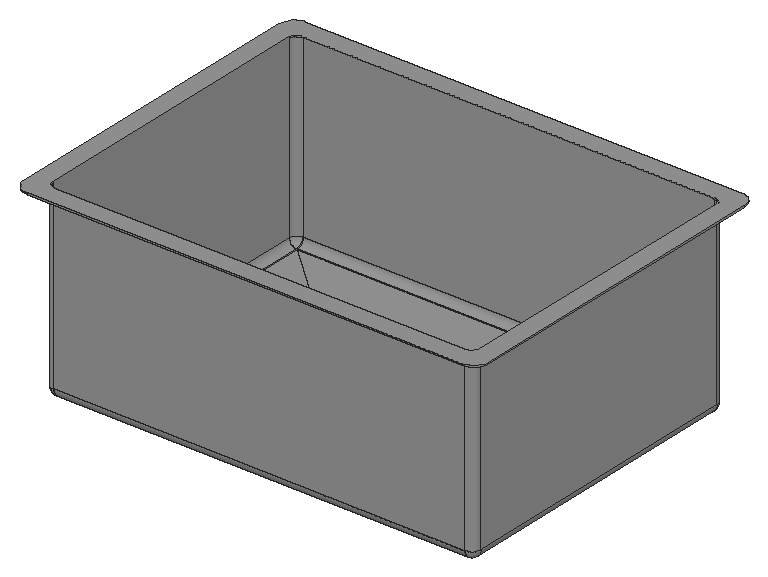
Revit family "BUILDMAT-SNA01004-Willow-600-Stainless Steel", category Plumbing Fixtures, host Face, Revit 2020
Family settings
  Host = Face
  Round Connector Dimension = Use Diameter
  Part Type = Normal
  Cut with Voids When Loaded = No
  Shared = No
  Room Calculation Point = No
Parameters (values of type "Willow 600x450x250mm")
  Width = 550.0 mm
  Undermount [instance] = 0.0 mm
  URL = "https://www.buildmat.com.au/products/willow-600x450-medium-single-bowl-sink"
  Side Sound Pad = no
  Side Brackets = yes
  Model = "SNA01004"  # constant formula
  Middle Sound Pad = yes
  Middle Bracket = no
  Manufacturer URL = "https://www.buildmat.com.au/"
  Manufacturer = "BUILDMAT"  # constant formula
  Length = 400.0 mm
  Description = "BUILDMAT - Willow 600x450 Medium Single Bowl Sink"  # constant formula
  Depth = 250.0 mm
  Default Elevation = 1219.2 mm
  Created By URL = "https://www.buildmat.com.au/"
  Created By = "BUILDMAT"  # constant formula
  Created = "22.06.2022"  # constant formula
  Material = BUILDMAT Stainless Steel
Reference planes
  plane 1 "Center (Front/Back)": y = 0
  plane 2: z = 0
  plane 3 "Center (Left/Right)": x = 0
  plane 4 "Top Substrate": z = 0
  plane 5 "Left": x = -275
  plane 6 "Right": x = 275
  plane 7 "Back": y = 200
  plane 8 "Front": y = -200
  plane 9: x = -300
  plane 10: x = 300
  plane 11: y = -225
  plane 12: y = 225
  plane 13 "Bottom Void": z = -250
  plane 14: z = 1.5
  plane 15: x = -276.5
  plane 16: y = -201.5
  plane 17: x = 276.5
  plane 18: y = 201.5
  plane 19: z = -240
  plane 20: z = -230
  plane 21: x = -265
  plane 22: x = 265
  plane 23: y = -190
  plane 24: y = 190
  plane 25: z = -245
  plane 26: z = -241.5
  plane 27: z = -246.5
  plane 28: x = -100
  plane 29: x = 100
  plane 30 "Sound Pad": z = -130
  plane 31 "Front Bracket": y = -100
  plane 32 "Back Bracket": y = 100
  plane 33: x = -175
  plane 34: x = 175
  plane 35: x = -57
  plane 36: x = 57
  plane 37: x = -45
  plane 38: x = 45
Forms (mm)
  Extrusion 1, void
    sketch origin (0, 0, 0) x (1, 0, 0) y (0, 1, 0)
      loop
        arc (-265, 200) -> (-272.071, 197.071) -> (-275, 190) r 10
        line (-275, 190) -> (-275, -190)
        arc (-275, -190) -> (-272.071, -197.071) -> (-265, -200) r 10
        line (-265, -200) -> (265, -200)
        arc (265, -200) -> (272.071, -197.071) -> (275, -190) r 10
        line (275, -190) -> (275, 190)
        arc (275, 190) -> (272.071, 197.071) -> (265, 200) r 10
        line (265, 200) -> (-265, 200)
    from 0 to 1.5
  Extrusion 2, void
    sketch origin (0, 0, 0) x (1, 0, 0) y (0, 1, 0)
      loop
        line (-276.5, 201.5) -> (-276.5, -201.5) -> (276.5, -201.5) -> (276.5, 201.5) -> (-276.5, 201.5)
    from 0 to -250
  Extrusion 3, void
    sketch origin (0, 0, 0) x (1, 0, 0) y (0, 1, 0)
      loop
        arc (-280, 225) -> (-294.142, 219.142) -> (-300, 205) r 20
        line (-300, 205) -> (-300, -205)
        arc (-300, -205) -> (-294.142, -219.142) -> (-280, -225) r 20
        line (-280, -225) -> (280, -225)
        arc (280, -225) -> (294.142, -219.142) -> (300, -205) r 20
        line (300, -205) -> (300, 205)
        arc (300, 205) -> (294.142, 219.142) -> (280, 225) r 20
        line (280, 225) -> (-280, 225)
    from 1.5 to 0
  Extrusion 4, solid, material "BUILDMAT Stainless Steel" <- "Material"
    sketch origin (0, 0, 0) x (-1, 0, 0) y (0, -1, 0)
      loop
        arc (280, -225) -> (294.142, -219.142) -> (300, -205) r 20
        line (300, -205) -> (300, 205)
        arc (300, 205) -> (294.142, 219.142) -> (280, 225) r 20
        line (280, 225) -> (-280, 225)
        arc (-280, 225) -> (-294.142, 219.142) -> (-300, 205) r 20
        line (-300, 205) -> (-300, -205)
        arc (-300, -205) -> (-294.142, -219.142) -> (-280, -225) r 20
        line (-280, -225) -> (280, -225)
      loop
        arc (265, -200) -> (272.071, -197.071) -> (275, -190) r 10
        line (275, -190) -> (275, 190)
        arc (275, 190) -> (272.071, 197.071) -> (265, 200) r 10
        line (265, 200) -> (-265, 200)
        arc (-265, 200) -> (-272.071, 197.071) -> (-275, 190) r 10
        line (-275, 190) -> (-275, -190)
        arc (-275, -190) -> (-272.071, -197.071) -> (-265, -200) r 10
        line (-265, -200) -> (265, -200)
    from 0 to 1.5
  Extrusion 5, solid, material "BUILDMAT Stainless Steel" <- "Material"
    sketch origin (0, 0, 0) x (-1, 0, 0) y (0, -1, 0)
      loop
        arc (265, -201.5) -> (273.132, -198.132) -> (276.5, -190) r 11.5
        line (276.5, -190) -> (276.5, 190)
        arc (276.5, 190) -> (273.132, 198.132) -> (265, 201.5) r 11.5
        line (265, 201.5) -> (-265, 201.5)
        arc (-265, 201.5) -> (-273.132, 198.132) -> (-276.5, 190) r 11.5
        line (-276.5, 190) -> (-276.5, -190)
        arc (-276.5, -190) -> (-273.132, -198.132) -> (-265, -201.5) r 11.5
        line (-265, -201.5) -> (265, -201.5)
      loop
        arc (-265, 200) -> (-272.071, 197.071) -> (-275, 190) r 10
        line (-275, 190) -> (-275, -190)
        arc (-275, -190) -> (-272.071, -197.071) -> (-265, -200) r 10
        line (-265, -200) -> (265, -200)
        arc (265, -200) -> (272.071, -197.071) -> (275, -190) r 10
        line (275, -190) -> (275, 190)
        arc (275, 190) -> (272.071, 197.071) -> (265, 200) r 10
        line (265, 200) -> (-265, 200)
    from 0 to -230
  Revolve 6, solid, material "BUILDMAT Stainless Steel" <- "Material"
    sketch origin (-175.162, 190, 1219.2) x (-1, 0, 0) y (0, 0, 1)
      loop
        line (-450.162, -1449.2) -> (-451.662, -1449.2)
        arc (-451.662, -1449.2) -> (-448.293, -1457.332) -> (-440.162, -1460.7) r 11.5
        line (-440.162, -1460.7) -> (-440.162, -1459.2)
        arc (-440.162, -1459.2) -> (-447.233, -1456.271) -> (-450.162, -1449.2) r 10
      axis (-440.162, -1460.7) -> (-440.162, -1449.2)
    angle from 0 to -90
  Revolve 7, solid, material "BUILDMAT Stainless Steel" <- "Material"
    sketch origin (-175.162, 190, 1219.2) x (-1, 0, 0) y (0, 0, 1)
      loop
        arc (99.838, -1449.2) -> (96.909, -1456.271) -> (89.838, -1459.2) r 10
        line (89.838, -1459.2) -> (89.838, -1460.7)
        arc (89.838, -1460.7) -> (97.97, -1457.332) -> (101.338, -1449.2) r 11.5
        line (101.338, -1449.2) -> (99.838, -1449.2)
      axis (89.838, -1449.2) -> (89.838, -1460.7)
    angle from 0 to -90
  Revolve 8, solid, material "BUILDMAT Stainless Steel" <- "Material"
    sketch origin (-175.162, -190, 1219.2) x (-1, 0, 0) y (0, 0, 1)
      loop
        arc (99.838, -1449.2) -> (96.909, -1456.271) -> (89.838, -1459.2) r 10
        line (89.838, -1459.2) -> (89.838, -1460.7)
        arc (89.838, -1460.7) -> (97.97, -1457.332) -> (101.338, -1449.2) r 11.5
        line (101.338, -1449.2) -> (99.838, -1449.2)
      axis (89.838, -1449.2) -> (89.838, -1460.7)
    angle from 0 to 90
  Revolve 9, solid, material "BUILDMAT Stainless Steel" <- "Material"
    sketch origin (-175.162, -190, 1219.2) x (-1, 0, 0) y (0, 0, 1)
      loop
        line (-450.162, -1449.2) -> (-451.662, -1449.2)
        arc (-451.662, -1449.2) -> (-448.293, -1457.332) -> (-440.162, -1460.7) r 11.5
        line (-440.162, -1460.7) -> (-440.162, -1459.2)
        arc (-440.162, -1459.2) -> (-447.233, -1456.271) -> (-450.162, -1449.2) r 10
      axis (-440.162, -1449.2) -> (-440.162, -1460.7)
    angle from 0 to 90
  Extrusion 10, solid, material "BUILDMAT Stainless Steel" <- "Material"
    sketch origin (0, 0, 0) x (1, 0, 0) y (0, 0, 1)
      loop
        line (-275, -230) -> (-276.5, -230)
        arc (-276.5, -230) -> (-273.132, -238.132) -> (-265, -241.5) r 11.5
        line (-265, -241.5) -> (-265, -240)
        arc (-265, -240) -> (-272.071, -237.071) -> (-275, -230) r 10
    from -190 to 190
  Extrusion 11, solid, material "BUILDMAT Stainless Steel" <- "Material"
    sketch origin (0, 0, 0) x (1, 0, 0) y (0, 0, 1)
      loop
        arc (275, -230) -> (272.071, -237.071) -> (265, -240) r 10
        line (265, -240) -> (265, -241.5)
        arc (265, -241.5) -> (273.132, -238.132) -> (276.5, -230) r 11.5
        line (276.5, -230) -> (275, -230)
    from -190 to 190
  Extrusion 12, solid, material "BUILDMAT Stainless Steel" <- "Material"
    sketch origin (0, 0, 0) x (0, 1, 0) y (0, 0, 1)
      loop
        arc (200, -230) -> (197.071, -237.071) -> (190, -240) r 10
        line (190, -240) -> (190, -241.5)
        arc (190, -241.5) -> (198.132, -238.132) -> (201.5, -230) r 11.5
        line (201.5, -230) -> (200, -230)
    from -265 to 265
  Extrusion 13, solid, material "BUILDMAT Stainless Steel" <- "Material"
    sketch origin (0, 0, 0) x (0, 1, 0) y (0, 0, 1)
      loop
        line (-200, -230) -> (-201.5, -230)
        arc (-201.5, -230) -> (-198.132, -238.132) -> (-190, -241.5) r 11.5
        line (-190, -241.5) -> (-190, -240)
        arc (-190, -240) -> (-197.071, -237.071) -> (-200, -230) r 10
    from -265 to 265
  Revolve 14, solid, material "BUILDMAT Stainless Steel" <- "Material"
    sketch origin (0, 0, 0) x (1, 0, 0) y (0, 0, 1)
      loop
        line (-45, -250) -> (-45, -248.5)
        spline (-45, -248.5) -> (-46.484, -248.459) -> (-47.939, -248.339) -> (-49.337, -248.141) -> (-50.649, -247.871) -> (-51.848, -247.537) -> (-52.908, -247.151) -> (-53.805, -246.726) -> (-54.514, -246.283) -> (-55.023, -245.856) -> (-55.329, -245.483) -> (-55.468, -245.202) -> (-55.5, -245)
        line (-55.5, -245) -> (-57, -245)
        spline (-57, -245) -> (-56.897, -245.653) -> (-56.591, -246.294) -> (-56.087, -246.913) -> (-55.392, -247.5) -> (-54.52, -248.044) -> (-53.485, -248.536) -> (-52.305, -248.967) -> (-51, -249.33) -> (-49.592, -249.619) -> (-48.106, -249.83) -> (-46.566, -249.957) -> (-45, -250)
      axis (0, -245) -> (0, -250)
    angle from 0 to 360
  Blend 15, solid, material "BUILDMAT Stainless Steel" <- "Material"
    base sketch origin (0, 0, 0) x (-1, 0, 0) y (0, -1, 0)
      loop
        circle (0, 0) r 57
    top sketch origin (0, 0, 0) x (-1, 0, 0) y (0, -1, 0)
      loop
        line (265, -190) -> (265, 190) -> (-265, 190) -> (-265, -190) -> (265, -190)
    from -246.5 to -241.5
  Blend 16, void
    base sketch origin (0, 0, 0) x (-1, 0, 0) y (0, -1, 0)
      loop
        circle (0, 0) r 57
    top sketch origin (0, 0, 0) x (-1, 0, 0) y (0, -1, 0)
      loop
        line (265, -190) -> (265, 190) -> (-265, 190) -> (-265, -190) -> (265, -190)
    from -245 to -240
  Extrusion 17, solid, material "BUILDMAT Stainless Steel" <- "Material"
    sketch origin (0, 0, 0) x (-1, 0, 0) y (0, -1, 0)
      loop
        line (265, -190) -> (265, 190) -> (-265, 190) -> (-265, -190) -> (265, -190)
    from -241.5 to -240
  Extrusion 18, void
    sketch origin (0, 0, 0) x (-1, 0, 0) y (0, -1, 0)
      loop
        circle (0, 0) r 57
    from -250 to -230
Cuts and joins
  joined: Extrusion 4, Extrusion 5
  joined: Revolve 6, Revolve 9
  joined: Revolve 7, Revolve 8
  Blend 16, Extrusion 18 cuts Blend 15
  Blend 16, Extrusion 18 cuts Extrusion 17
  joined: Blend 15, Extrusion 17
Lines and regions (mm)
  Masking region 1
    outline origin (0, 0, 0) x (1, 0, 0) y (0, 0, 1)
      loop
        line (275, 0) -> (-275, 0) -> (-275, -230)
        arc (-275, -230) -> (-272.071, -237.071) -> (-265, -240) r 10
        line (-265, -240) -> (-57, -245) -> (57, -245) -> (265, -240)
        arc (265, -240) -> (272.071, -237.071) -> (275, -230) r 10
        line (275, -230) -> (275, 0)
  Masking region 2
    outline origin (0, 0, 0) x (1, 0, 0) y (0, 0, 1)
      loop
        line (-100, -245.466) -> (-100, -250) -> (-57, -250) -> (-57, -246.5) -> (-100, -245.466)
  Masking region 3
    outline origin (0, 0, 0) x (1, 0, 0) y (0, 0, 1)
      loop
        line (57, -246.5) -> (57, -250) -> (100, -250) -> (100, -245.466) -> (57, -246.5)
Text (mm)
  text "Refer to www.buildmat.com.au for the most current product literature. \nAllow a +/- 5mm tolerance for dimensions shown in the product literature. \nPlease note product details are subject to change due to ongoing product development." at (0.056, -1035.857, 0), in view "Ref. Level"
Dimensions and locks
  "Undermount": plane 2 to plane 4 "Top Substrate"
  equal spacing: plane 5 "Left", plane 3 "Center (Left/Right)", plane 6 "Right"
  "Width": plane 5 "Left" to plane 6 "Right"
  "Length": plane 7 "Back" to plane 8 "Front"
  equal spacing: plane 7 "Back", plane 1 "Center (Front/Back)", plane 8 "Front"
  locked: plane 12 to plane 7 "Back" at 25
  locked: plane 8 "Front" to plane 11 at 25
  locked: plane 9 to plane 5 "Left" at 25
  locked: plane 6 "Right" to plane 10 at 25
  "Depth": plane 4 "Top Substrate" to plane 13 "Bottom Void"
  locked: plane 14 to plane 4 "Top Substrate" at 1.5
  locked: plane 18 to plane 7 "Back" at 1.5
  locked: plane 8 "Front" to plane 16 at 1.5
  plane 15 to plane 5 "Left" = 1.5 mm
  plane 6 "Right" to plane 17 = 1.5 mm
  plane 20 to plane 19 to plane 13 "Bottom Void" = 10.0 mm, 10.0 mm
  locked: plane 5 "Left" to plane 21 at 10
  locked: plane 22 to plane 6 "Right" at 10
  locked: plane 7 "Back" to plane 24 at 10
  locked: plane 23 to plane 8 "Front" at 10
  locked: plane 19 to plane 26 at 1.5
  locked: plane 25 to plane 13 "Bottom Void" at 5
  locked: plane 25 to plane 27 at 1.5
  plane 29 to plane 3 "Center (Left/Right)" to plane 28 = 100.0 mm locked, 100.0 mm locked
  locked: plane 30 "Sound Pad" to plane 13 "Bottom Void" at 120
  locked: plane 7 "Back" to plane 32 "Back Bracket" at 100
  locked: plane 31 "Front Bracket" to plane 8 "Front" at 100
  locked: plane 33 to plane 5 "Left" at 100
  locked: plane 6 "Right" to plane 34 at 100
  equal spacing: plane 3 "Center (Left/Right)", nested 15, plane 33
  equal spacing: plane 34, nested 16, plane 3 "Center (Left/Right)"
  plane 37 to plane 3 "Center (Left/Right)" to plane 38 = 45.0 mm locked, 45.0 mm locked
  plane 35 to plane 3 "Center (Left/Right)" to plane 36 = 57.0 mm locked, 57.0 mm locked
  aligned and locked: plane 2 to host face
  aligned and locked: level to host face
  aligned and locked: plane 8 "Front" to Extrusion 1 sketch curve
  aligned and locked: Extrusion 1 sketch curve to plane 7 "Back"
  aligned and locked: plane 5 "Left" to Extrusion 1 sketch curve
  aligned and locked: Extrusion 1 sketch curve to plane 6 "Right"
  aligned and locked: plane 2 to Extrusion 1
  aligned and locked: plane 14 to Extrusion 1
  aligned and locked: Extrusion 2 sketch curve to plane 16
  aligned and locked: Extrusion 2 sketch curve to plane 18
  aligned and locked: plane 15 to Extrusion 2 sketch curve
  aligned and locked: plane 17 to Extrusion 2 sketch curve
  aligned and locked: Extrusion 2 to plane 13 "Bottom Void"
  aligned and locked: plane 4 "Top Substrate" to Extrusion 2
  aligned and locked: Extrusion 3 sketch curve to plane 11
  aligned and locked: plane 9 to Extrusion 3 sketch curve
  aligned and locked: Extrusion 3 sketch curve to plane 10
  aligned and locked: Extrusion 3 sketch curve to plane 12
  aligned and locked: Extrusion 3 to plane 4 "Top Substrate"
  aligned and locked: Extrusion 3 to plane 14
  aligned and locked: Extrusion 4 sketch curve to plane 11
  aligned and locked: Extrusion 4 sketch curve to plane 12
  aligned and locked: plane 9 to Extrusion 4 sketch curve
  aligned and locked: Extrusion 4 sketch curve to plane 10
  aligned and locked: plane 5 "Left" to Extrusion 4 sketch curve
  aligned and locked: Extrusion 4 sketch curve to plane 6 "Right"
  aligned and locked: Extrusion 4 sketch curve to plane 7 "Back"
  aligned and locked: plane 8 "Front" to Extrusion 4 sketch curve
  aligned and locked: Extrusion 5 sketch curve to plane 7 "Back"
  aligned and locked: plane 5 "Left" to Extrusion 5 sketch curve
  aligned and locked: Extrusion 5 sketch curve to plane 6 "Right"
  aligned and locked: plane 8 "Front" to Extrusion 5 sketch curve
  aligned and locked: plane 15 to Extrusion 5 sketch curve
  aligned and locked: Extrusion 5 sketch curve to plane 16
  aligned and locked: plane 17 to Extrusion 5 sketch curve
  aligned and locked: Extrusion 5 sketch curve to plane 18
  aligned and locked: Extrusion 5 to plane 20
  aligned and locked: plane 4 "Top Substrate" to Extrusion 5
  aligned and locked: Extrusion 11 to plane 23
  aligned and locked: plane 24 to Extrusion 11
  aligned and locked: plane 24 to Extrusion 10
  aligned and locked: Extrusion 10 to plane 23
  aligned and locked: Extrusion 13 to plane 21
  aligned and locked: plane 22 to Extrusion 13
  aligned and locked: plane 22 to Extrusion 12
  aligned and locked: Extrusion 12 to plane 21
  aligned and locked: plane 21 to Blend 15 sketch curve
  aligned and locked: Blend 15 sketch curve to plane 22
  aligned and locked: Blend 15 sketch curve to plane 23
  aligned and locked: Blend 15 sketch curve to plane 24
  aligned and locked: plane 27 to Blend 15
  aligned and locked: Blend 15 to plane 26
  aligned and locked: Blend 16 sketch curve to plane 24
  aligned and locked: plane 21 to Blend 16 sketch curve
  aligned and locked: Blend 16 sketch curve to plane 22
  aligned and locked: Blend 16 sketch curve to plane 23
  aligned and locked: Blend 16 to plane 25
  aligned and locked: Blend 16 to plane 19
  aligned and locked: Extrusion 17 sketch curve to plane 24
  aligned and locked: Extrusion 17 sketch curve to plane 23
  aligned and locked: plane 21 to Extrusion 17 sketch curve
  aligned and locked: Extrusion 17 sketch curve to plane 22
  aligned and locked: Extrusion 17 to plane 26
  aligned and locked: Extrusion 17 to plane 19
  aligned and locked: Extrusion 18 to plane 13 "Bottom Void"
  aligned and locked: plane 20 to Extrusion 18
  aligned and locked: cut or joined group of Blend 15, Blend 16, Extrusion 17, Extrusion 18 to Masking region 2 sketch curve
  aligned and locked: Masking region 3 sketch curve to cut or joined group of Blend 15, Blend 16, Extrusion 17, Extrusion 18
  aligned and locked: plane 3 "Center (Left/Right)" to nested 1
  aligned and locked: nested 1 to plane 4 "Top Substrate"
  aligned and locked: plane 3 "Center (Left/Right)" to nested 2
  aligned and locked: nested 2 to plane 30 "Sound Pad"
  aligned and locked: nested 3 to plane 18
  aligned and locked: plane 3 "Center (Left/Right)" to nested 3
  aligned and locked: plane 16 to nested 4
  aligned and locked: nested 4 to plane 3 "Center (Left/Right)"
  aligned and locked: plane 31 "Front Bracket" to nested 6
  aligned and locked: plane 15 to nested 6
  aligned and locked: plane 31 "Front Bracket" to nested 8
  aligned and locked: plane 17 to nested 8
  aligned and locked: plane 32 "Back Bracket" to nested 7
  aligned and locked: plane 17 to nested 7
  aligned and locked: plane 32 "Back Bracket" to nested 5
  aligned and locked: plane 15 to nested 5
  aligned and locked: nested 9 to plane 4 "Top Substrate"
  aligned and locked: nested 9 to plane 33
  aligned and locked: nested 10 to plane 4 "Top Substrate"
  aligned and locked: nested 10 to plane 34
  aligned and locked: nested 13 to plane 33
  aligned and locked: nested 14 to plane 34
  aligned and locked: plane 16 to nested 13
  aligned and locked: nested 14 to plane 16
  aligned and locked: plane 33 to nested 11
  aligned and locked: nested 11 to plane 18
  aligned and locked: plane 34 to nested 12
  aligned and locked: plane 18 to nested 12
  aligned and locked: nested 15 to plane 30 "Sound Pad"
  aligned and locked: nested 16 to plane 30 "Sound Pad"
  aligned and locked: nested 17 to plane 23
  aligned and locked: nested 17 to plane 24
  aligned and locked: plane 22 to nested 17
  aligned and locked: plane 21 to nested 17
  aligned and locked: plane 3 "Center (Left/Right)" to nested 18
  aligned and locked: plane 1 "Center (Front/Back)" to nested 18
  aligned and locked: plane 4 "Top Substrate" to Masking region 1
Automatic sketch dimensions
  host sketch curve to host sketch curve = 2438.4 mm  (x2)
  plane 5 "Left" to Extrusion 1 sketch curve = 10.0 mm  (x2)
  Extrusion 1 sketch curve to plane 6 "Right" = 10.0 mm  (x2)
  Extrusion 4 sketch curve to plane 10 = 20.0 mm  (x2)
  Extrusion 4 sketch curve to Extrusion 4 sketch curve = 10.0 mm  (x2)
  plane 5 "Left" to Extrusion 4 sketch curve = 10.0 mm
  plane 9 to Extrusion 4 sketch curve = 20.0 mm
  plane 8 "Front" to Extrusion 4 sketch curve = 10.0 mm
  plane 11 to Extrusion 4 sketch curve = 20.0 mm
  Extrusion 3 sketch curve to plane 5 "Left" = 5.0 mm
  plane 6 "Right" to Extrusion 3 sketch curve = 5.0 mm  (x2)
  plane 7 "Back" to Extrusion 3 sketch curve = 5.0 mm
  plane 5 "Left" to Extrusion 5 sketch curve = 10.0 mm
  Extrusion 5 sketch curve to plane 6 "Right" = 10.0 mm
  plane 8 "Front" to Extrusion 5 sketch curve = 10.0 mm
  Extrusion 5 sketch curve to plane 7 "Back" = 10.0 mm
  Extrusion 5 sketch curve to Extrusion 5 sketch curve = 0.0 mm  (x4)
  Revolve 6 sketch curve to Revolve 6 sketch curve = 0.0 mm  (x3)
  plane 17 to Revolve 6 sketch curve = 0.0 mm
  Revolve 6 sketch curve to plane 6 "Right" = 0.0 mm
  Revolve 6 sketch curve to plane 22 = 0.0 mm  (x2)
  Revolve 6 sketch curve to plane 19 = 0.0 mm
  Revolve 6 sketch curve to plane 20 = 0.0 mm
  Revolve 7 sketch curve to Revolve 7 sketch curve = 0.0 mm  (x3)
  Revolve 7 sketch curve to plane 20 = 0.0 mm  (x2)
  Revolve 7 sketch curve to plane 21 = 0.0 mm  (x2)
  Revolve 7 sketch curve to plane 5 "Left" = 0.0 mm
  Revolve 7 sketch curve to plane 15 = 0.0 mm
  Revolve 8 sketch curve to Revolve 8 sketch curve = 0.0 mm  (x3)
  Revolve 8 sketch curve to plane 20 = 0.0 mm  (x2)
  Revolve 8 sketch curve to plane 21 = 0.0 mm  (x2)
  Revolve 8 sketch curve to plane 5 "Left" = 0.0 mm
  Revolve 8 sketch curve to plane 15 = 0.0 mm
  Revolve 9 sketch curve to Revolve 9 sketch curve = 0.0 mm  (x3)
  plane 17 to Revolve 9 sketch curve = 0.0 mm
  Revolve 9 sketch curve to plane 6 "Right" = 0.0 mm
  Revolve 9 sketch curve to plane 22 = 0.0 mm  (x2)
  Revolve 9 sketch curve to plane 20 = 0.0 mm
  Revolve 9 sketch curve to plane 19 = 0.0 mm
  Extrusion 10 sketch curve to plane 15 = 0.0 mm
  Extrusion 10 sketch curve to plane 5 "Left" = 0.0 mm
  Extrusion 10 sketch curve to plane 19 = 0.0 mm
  Extrusion 10 sketch curve to plane 21 = 0.0 mm
  Extrusion 11 sketch curve to plane 20 = 0.0 mm
  Extrusion 11 sketch curve to plane 22 = 0.0 mm
  Extrusion 11 sketch curve to plane 6 "Right" = 0.0 mm
  plane 17 to Extrusion 11 sketch curve = 0.0 mm
  Extrusion 12 sketch curve to plane 20 = 0.0 mm
  Extrusion 12 sketch curve to plane 24 = 0.0 mm
  Extrusion 12 sketch curve to plane 7 "Back" = 0.0 mm
  Extrusion 12 sketch curve to plane 18 = 0.0 mm
  Extrusion 13 sketch curve to plane 16 = 0.0 mm
  Extrusion 13 sketch curve to plane 8 "Front" = 0.0 mm
  Extrusion 13 sketch curve to plane 23 = 0.0 mm
  Extrusion 13 sketch curve to plane 19 = 0.0 mm
  Revolve 14 sketch curve to plane 25 = 0.0 mm
  Revolve 14 sketch curve to plane 13 "Bottom Void" = 0.0 mm  (x2)
  Revolve 14 sketch curve to plane 3 "Center (Left/Right)" = 0.0 mm
  Revolve 14 sketch curve to plane 20 = 0.0 mm
  Revolve 14 sketch curve to plane 3 "Center (Left/Right)" = 45.0 mm
  Revolve 14 sketch curve to Revolve 14 sketch curve = 10.5 mm
  Revolve 14 sketch curve to Revolve 14 sketch curve = 1.5 mm  (x2)
  Revolve 14 sketch curve to Revolve 14 sketch curve = 0.0 mm
  plane 1 "Center (Front/Back)" to Blend 15 sketch curve = 0.0 mm
  Blend 15 sketch curve to plane 3 "Center (Left/Right)" = 0.0 mm
  plane 1 "Center (Front/Back)" to Blend 16 sketch curve = 0.0 mm
  Blend 16 sketch curve to plane 3 "Center (Left/Right)" = 0.0 mm
  plane 1 "Center (Front/Back)" to Extrusion 18 sketch curve = 0.0 mm
  Extrusion 18 sketch curve to plane 3 "Center (Left/Right)" = 0.0 mm
  Masking region 1 sketch curve to level = 0.0 mm
  Masking region 1 sketch curve to plane 20 = 0.0 mm
  Masking region 1 sketch curve to plane 21 = 0.0 mm
  Masking region 1 sketch curve to plane 25 = 0.0 mm
  Masking region 1 sketch curve to plane 3 "Center (Left/Right)" = 57.0 mm
  plane 3 "Center (Left/Right)" to Masking region 1 sketch curve = 57.0 mm
  Masking region 1 sketch curve to plane 19 = 0.0 mm
  Masking region 1 sketch curve to plane 22 = 0.0 mm
  Masking region 1 sketch curve to plane 6 "Right" = 0.0 mm
  Masking region 1 sketch curve to plane 5 "Left" = 0.0 mm
  Masking region 2 sketch curve to plane 28 = 0.0 mm
  Masking region 2 sketch curve to plane 13 "Bottom Void" = 0.0 mm
  Masking region 2 sketch curve to plane 27 = 0.0 mm
  Masking region 3 sketch curve to plane 27 = 0.0 mm
  Masking region 3 sketch curve to plane 13 "Bottom Void" = 0.0 mm
  Masking region 3 sketch curve to plane 29 = 0.0 mm
  radius of Blend 15 sketch curve = 57.0 mm
  radius of Blend 16 sketch curve = 57.0 mm
  radius of Extrusion 18 sketch curve = 57.0 mm
Nested families
  nested 1: "TMB_Front" at (0, 0, 0) x (1, 0, 0) z (0, -1, 0), visible <- "Middle Bracket", type "TMB_Front"
  nested 2: "SP_Front" at (0, 0, -130) x (1, 0, 0) z (0, -1, 0), visible <- "Middle Sound Pad", type "SP_Front"
  nested 3: "TMB_Plan" at (0, 201.5, 0), visible <- "Middle Bracket", type "TMB_Plan"
  nested 4: "TMB_Plan" at (0, -201.5, 0) x (-1, 0, 0) z (0, 0, 1), visible <- "Middle Bracket", type "TMB_Plan"
  nested 5: "TMB_Plan" at (-276.5, 100, 0) x (0, 1, 0) z (0, 0, 1), type "TMB_Plan"
  nested 6: "TMB_Plan" at (-276.5, -100, 0) x (0, 1, 0) z (0, 0, 1), type "TMB_Plan"
  nested 7: "TMB_Plan" at (276.5, 100, 0) x (0, -1, 0) z (0, 0, 1), type "TMB_Plan"
  nested 8: "TMB_Plan" at (276.5, -100, 0) x (0, -1, 0) z (0, 0, 1), type "TMB_Plan"
  nested 9: "TMB_Front" at (-175, 0, 0) x (1, 0, 0) z (0, -1, 0), visible <- "Side Brackets", type "TMB_Front"
  nested 10: "TMB_Front" at (175, 0, 0) x (1, 0, 0) z (0, -1, 0), visible <- "Side Brackets", type "TMB_Front"
  nested 11: "TMB_Plan" at (-175, 201.5, 0), visible <- "Side Brackets", type "TMB_Plan"
  nested 12: "TMB_Plan" at (175, 201.5, 0), visible <- "Side Brackets", type "TMB_Plan"
  nested 13: "TMB_Plan" at (-175, -201.5, 0) x (-1, 0, 0) z (0, 0, 1), visible <- "Side Brackets", type "TMB_Plan"
  nested 14: "TMB_Plan" at (175, -201.5, 0) x (-1, 0, 0) z (0, 0, 1), visible <- "Side Brackets", type "TMB_Plan"
  nested 15: "SP_Front" at (-87.5, 0, -130) x (1, 0, 0) z (0, -1, 0), visible <- "Side Sound Pad", type "SP_Front"
  nested 16: "SP_Front" at (87.5, 0, -130) x (1, 0, 0) z (0, -1, 0), visible <- "Side Sound Pad", type "SP_Front"
  nested 17: "BOWL Plan" at (0, 0, -130), type "BOWL Plan"
    with Width 530.0 mm, Lenght 380.0 mm
  nested 18: "DRAIN" at (0, 0, 0), type "DRAIN"
Definition of nested family "TMB_Front"
  Reference planes
    plane 1 "Center (Elevation)": y = 0
    plane 2: z = 0
    plane 3 "Center (Left/Right)": x = 0
  Lines and regions (mm)
    Masking region 1, in view "Ref. Level"
      outline origin (0, 0, 0) x (1, 0, 0) y (0, 1, 0)
        loop
          line (-17.5, 0) -> (-17.5, -80) -> (17.5, -80) -> (17.5, 0) -> (-17.5, 0)
    detail lines, in view "Ref. Level"
      curve 1: line (-17.5, 0, 0) -> (-17.5, -80, 0)
      curve 2: line (-17.5, -80, 0) -> (17.5, -80, 0)
      curve 3: line (17.5, -80, 0) -> (17.5, 0, 0)
      curve 4: line (-12.5, -50, 0) -> (12.5, -50, 0)
      curve 5: line (-12.5, -75, 0) -> (-12.5, -50, 0)
      curve 6: line (12.5, -75, 0) -> (-12.5, -75, 0)
      curve 7: line (12.5, -50, 0) -> (12.5, -75, 0)
Definition of nested family "SP_Front"
  Reference planes
    plane 1 "Center (Elevation)": y = 0
    plane 2: z = 0
    plane 3 "Center (Left/Right)": x = 0
  Lines and regions (mm)
    Masking region 1, in view "Ref. Level"
      outline origin (0, 0, 0) x (1, 0, 0) y (0, 1, 0)
        loop
          arc (-50, 40) -> (-57.071, 37.071) -> (-60, 30) r 10
          line (-60, 30) -> (-60, -30)
          arc (-60, -30) -> (-57.071, -37.071) -> (-50, -40) r 10
          line (-50, -40) -> (50, -40)
          arc (50, -40) -> (57.071, -37.071) -> (60, -30) r 10
          line (60, -30) -> (60, 30)
          arc (60, 30) -> (57.071, 37.071) -> (50, 40) r 10
          line (50, 40) -> (-50, 40)
    detail lines, in view "Ref. Level"
      curve 1: line (-50, 40, 0) -> (50, 40, 0)
      curve 2: line (50, -40, 0) -> (-50, -40, 0)
      curve 3: line (60, 30, 0) -> (60, -30, 0)
      curve 4: line (-60, 30, 0) -> (-60, -30, 0)
      curve 5: arc (-50, 40, 0) -> (-57.071, 37.071, 0) -> (-60, 30, 0) r 10
      curve 6: arc (-60, -30, 0) -> (-57.071, -37.071, 0) -> (-50, -40, 0) r 10
      curve 7: arc (50, -40, 0) -> (57.071, -37.071, 0) -> (60, -30, 0) r 10
      curve 8: arc (60, 30, 0) -> (57.071, 37.071, 0) -> (50, 40, 0) r 10
  Dimensions and locks
    aligned and locked: Masking region 1 sketch curve to curve 1
    aligned and locked: Masking region 1 sketch curve to curve 4
    aligned and locked: Masking region 1 sketch curve to curve 2
    aligned and locked: Masking region 1 sketch curve to curve 3
Definition of nested family "TMB_Plan"
  Reference planes
    plane 1 "Center (Front/Back)": y = 0
    plane 2: z = 0
    plane 3 "Center (Left/Right)": x = 0
  Lines and regions (mm)
    detail lines, in view "Ref. Level"
      curve 1: line (-17.5, 0, 0) -> (17.5, 0, 0)
      curve 2: line (17.5, 0, 0) -> (17.5, 5, 0)
      curve 3: line (17.5, 5, 0) -> (12.5, 5, 0)
      curve 4: line (-17.5, 0, 0) -> (-17.5, 5, 0)
      curve 5: line (-17.5, 5, 0) -> (-12.5, 5, 0)
Definition of nested family "BOWL Plan"
  Parameters (values of type "BOWL Plan")
    Width [instance] = 600.0 mm
    Lenght [instance] = 400.0 mm
  Reference planes
    plane 1 "Center (Front/Back)": y = 0
    plane 2: z = 0
    plane 3 "Center (Left/Right)": x = 0
    plane 4 "Left": x = -300
    plane 5 "Right": x = 300
    plane 6 "Back": y = 200
    plane 7 "Front": y = -200
  Lines and regions (mm)
    Masking region 1, in view "Ref. Level"
      outline origin (0, 0, 0) x (1, 0, 0) y (0, 1, 0)
        loop
          line (-300, 200) -> (-300, -200) -> (300, -200) -> (300, 200) -> (-300, 200)
    detail lines, in view "Ref. Level"
      curve 1: line (-300, 200, 0) -> (300, -200, 0)
      curve 2: line (-300, -200, 0) -> (300, 200, 0)
  Dimensions and locks
    equal spacing: plane 6 "Back", plane 1 "Center (Front/Back)", plane 7 "Front"
    "Lenght": plane 6 "Back" to plane 7 "Front"
    equal spacing: plane 4 "Left", plane 3 "Center (Left/Right)", plane 5 "Right"
    "Width": plane 4 "Left" to plane 5 "Right"
    aligned and locked: plane 4 "Left" to Masking region 1 sketch curve
    aligned and locked: Masking region 1 sketch curve to plane 5 "Right"
    aligned and locked: plane 7 "Front" to Masking region 1 sketch curve
    aligned and locked: Masking region 1 sketch curve to plane 6 "Back"
  Automatic sketch dimensions
    curve 2 to plane 4 "Left" = 0.0 mm
    curve 1 to plane 4 "Left" = 0.0 mm
    curve 2 to plane 5 "Right" = 0.0 mm
    curve 1 to plane 5 "Right" = 0.0 mm
    curve 1 to plane 7 "Front" = 0.0 mm
    curve 2 to plane 7 "Front" = 0.0 mm
    curve 2 to plane 6 "Back" = 0.0 mm
    curve 1 to plane 6 "Back" = 0.0 mm
Definition of nested family "DRAIN"
  Reference planes
    plane 1 "Center (Front/Back)": y = 0
    plane 2: z = 0
    plane 3 "Center (Left/Right)": x = 0
  Lines and regions (mm)
    Masking region 1, in view "Ref. Level"
      outline origin (0, 0, 0) x (1, 0, 0) y (0, 1, 0)
        loop
          circle (0, 0) r 57
    detail lines, in view "Ref. Level"
      curve 1: circle (0, 0, 0) r 45 normal (0, 0, 1)
      curve 2: circle (0, 0, 0) r 55.5 normal (0, 0, 1)
